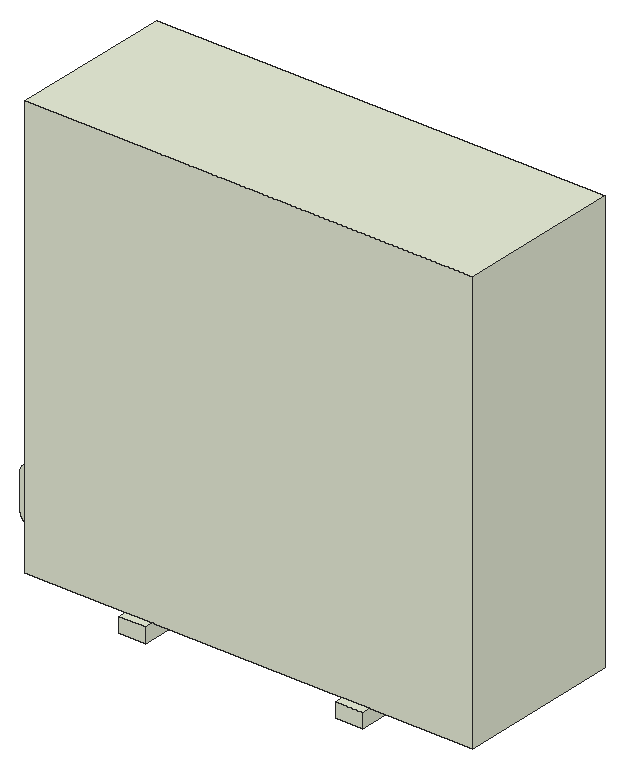
Revit family "MDCI-1 [8-10]", category HLS-Bauteile, Revit 2017
Family settings
  Bemaßung runder Anschluss = Durchmesser verwenden
  Teiletyp = Normal
  OmniClass-Nummer = 23.75.00.00
  OmniClass-Titel = Climate Control (HVAC)
  Arbeitsebenenbasiert = Nein
  Immer vertikal = Ja
  Beim Laden mit Abzugskörper schneiden = Nein
  Gemeinsam genutzt = Nein
  Raumberechnungspunkt = Nein
Parameters (values of type "MDCI8-1")
  clearance access right = 300.000 mm
  clearance access left = 600.000 mm
  clearance access front = 2000.000 mm
  clearance access behind = 300.000 mm
  clearance [instance] = no
  Width = 1075.000 mm
  URL = ""
  Series = "mini VRF"
  Power supply = "220-240 1N~50Hz"
  Net Weight = 75.50 kg
  Modell = "MDCI8-1"
  Minimum Circuit Amps = 26.25 A
  Min cable selection (power wiring) = "5*4mm2"
  Maximum Fuse Amps = 25 A
  Machine material = Galvanized Steel
  Liquid pipe = 9.520 mm
  Hersteller = "Bosch"
  Installation = "Outdoor installation"
  Height = 966.000 mm
  Heating Power Input = 1.79 kW
  Heating Capacity = 7.200 kW
  Gas pipe = 15.900 mm
  Gas = "R410A"
  Beschreibung = "High efficiency air cooled"
  Depth = 396.000 mm
  Cooling Power Input = 1.85 kW
  Cooling Capacity = 7.200 kW
  Condensation = "Air"
  Compressor = "1"
  Casing color = "SB2014"
  Air Flow max = 5500 m³/h
Types (2, lengths in mm): name | Modell | Minimum Circuit Amps | Maximum Fuse Amps | Heating Power Input | Heating Capacity | Cooling Power Input | Cooling Capacity
  MDCI8-1 | "MDCI8-1" | 26.25 A | 25 A | 1.79 kW | 7.200 kW | 1.85 kW | 7.200 kW
  MDCI10-1 | "MDCI10-1" | 27.5 A | 32 A | 2.27 kW | 9.000 kW | 2.3 kW | 9.000 kW
Reference planes
  plane 1: z = 0
  plane 2 "中心(左/右)": x = 0
  plane 3: z = 140
  plane 4: z = 498
  plane 5: z = 116
  plane 6: x = 497.6
Forms (mm)
  Extrusion 1, solid, material "Galvanized Steel" <- "Machine material", detail levels medium+fine
    sketch origin (2.54, 0, 0) x (1, 0, 0) y (0, 1, 0)
      loop
        line (-494.54, 0) -> (-494.54, -181.8) -> (495.06, -181.8) -> (495.06, 182) -> (-494.54, 182) -> (-494.54, 0)
    from 31.9 to 966
  Extrusion 2, solid, material "Galvanized Steel" <- "Machine material", detail levels medium+fine
    sketch origin (0, 0, 0) x (1, 0, 0) y (0, 1, 0)
      loop
        line (-270, 0) -> (-270, -201.8) -> (-210, -201.8) -> (-210, 197.3) -> (-270, 197.3) -> (-270, 0)
      loop
        line (210, 0) -> (210, -201.82) -> (270, -201.82) -> (270, 195.85) -> (210, 195.85) -> (210, 0)
    from 0 to 31.9
  Extrusion 3, solid, material "Galvanized Steel" <- "Machine material", detail levels fine
    sketch origin (0, 0, -20.5) x (1, 0, 0) y (0, 0, 1)
      loop
        line (-492.417, 208.4) -> (-547.4, 208.4)
        arc (-547.4, 208.4) -> (-568.613, 199.613) -> (-577.4, 178.4) r 30
        line (-577.4, 178.4) -> (-577.4, 110)
        arc (-577.4, 110) -> (-568.613, 88.787) -> (-547.4, 80) r 30
        line (-547.4, 80) -> (-492.417, 80) -> (-492.417, 208.4)
    from -30 to 90
  Extrusion 4, void
    sketch origin (0, 0, -20.5) x (1, 0, 0) y (0, 0, 1)
      loop
        line (-497.891, 217.263) -> (-545, 217.263)
        arc (-545, 217.263) -> (-559.142, 211.406) -> (-565, 197.263) r 20
        line (-565, 197.263) -> (-565, 110)
        arc (-565, 110) -> (-559.142, 95.858) -> (-545, 90) r 20
        line (-545, 90) -> (-497.891, 90) -> (-497.891, 217.263)
    from -20.224 to 90
  Extrusion 5, solid, material "Galvanized Steel" <- "Machine material", detail levels fine
    sketch origin (0, -45.795, 165.026) x (0, 0, 1) y (-1, 0, 0)
      loop
        line (621.408, 492) -> (533.406, 533.036) -> (533.406, 492) -> (621.408, 492)
    from -45.795 to -7.705
  Extrusion 6, solid, material "Galvanized Steel" <- "Machine material", detail levels medium+fine
    sketch origin (0, 0, 0) x (1, 0, 0) y (0, 0, 1)
      loop
        line (448.6, 818) -> (-151.4, 818) -> (-151.4, 178) -> (448.6, 178) -> (448.6, 818)
    from -214.2 to -182
  Extrusion 7, solid, material "Galvanized Steel" <- "Machine material", detail levels medium+fine
    sketch origin (0, 0, 0) x (0, 1, 0) y (0, 0, 1)
      loop
        circle (-70.795, 116) r 4.76
    from -548.554 to -490.017
  Extrusion 8, solid, material "Galvanized Steel" <- "Machine material", detail levels medium+fine
    sketch origin (0, 0, 0) x (0, 1, 0) y (0, 0, 1)
      loop
        circle (-17.3, 116) r 7.95
    from -548.554 to -490.017
Cuts and joins
  Extrusion 4 cuts Extrusion 3
Lines and regions (mm)
  model lines, detail levels fine
    curve 1: line (-182.46, 182, 959.7) -> (-182.46, 182, 31.9)
    curve 7: circle (148.6, 214.2, 498) r 280 normal (0, 1, 0)
    curve 8: circle (148.6, 214.2, 498) r 240 normal (0, 1, 0)
    curve 9: circle (148.6, 214.2, 498) r 200 normal (0, 1, 0)
    curve 10: circle (148.6, 214.2, 498) r 160 normal (0, 1, 0)
    curve 11: circle (148.6, 214.2, 498) r 120 normal (0, 1, 0)
    curve 12: circle (148.6, 214.2, 498) r 80 normal (0, 1, 0)
    curve 13: circle (148.6, 214.2, 498) r 40 normal (0, 1, 0)
    curve 14: arc (148.6, 214.2, 778) -> (244.748, 214.2, 638) -> (148.6, 214.2, 498) r 150
    curve 15: arc (148.6, 214.2, 498) -> (8.6, 214.2, 594.148) -> (-131.4, 214.2, 498) r 150
    curve 16: arc (148.6, 214.2, 498) -> (52.452, 214.2, 358) -> (148.6, 214.2, 218) r 150
    curve 17: arc (148.6, 214.2, 498) -> (288.6, 214.2, 401.852) -> (428.6, 214.2, 498) r 150
    curve 18: line (-327.463, 182, 542.426) -> (-398.173, 182, 613.137)
    curve 19: line (-341.605, 182, 528.284) -> (-412.315, 182, 598.995)
    curve 20: arc (-398.173, 182, 613.137) -> (-412.315, 182, 613.137) -> (-412.315, 182, 598.995) r 10
    curve 21: arc (-327.463, 182, 542.426) -> (-327.463, 182, 528.284) -> (-341.605, 182, 528.284) r 10
    curve 22: line (-327.463, 182, 602.426) -> (-398.173, 182, 673.137)
    curve 23: line (-341.605, 182, 588.284) -> (-412.315, 182, 658.995)
    curve 24: arc (-398.173, 182, 673.137) -> (-412.315, 182, 673.137) -> (-412.315, 182, 658.995) r 10
    curve 25: arc (-327.463, 182, 602.426) -> (-327.463, 182, 588.284) -> (-341.605, 182, 588.284) r 10
    curve 26: line (-327.463, 182, 662.426) -> (-398.173, 182, 733.137)
    curve 27: line (-341.605, 182, 648.284) -> (-412.315, 182, 718.995)
    curve 28: arc (-398.173, 182, 733.137) -> (-412.315, 182, 733.137) -> (-412.315, 182, 718.995) r 10
    curve 29: arc (-327.463, 182, 662.426) -> (-327.463, 182, 648.284) -> (-341.605, 182, 648.284) r 10
    curve 30: line (-412.315, 182, 733.137) -> (-468.884, 182, 789.706)
    curve 31: line (-468.884, 182, 789.706) -> (-468.884, 182, 964.3)
    curve 32: line (-327.463, 182, 528.284) -> (-302.714, 182, 503.536)
    curve 33: line (-302.714, 182, 503.536) -> (-302.714, 182, 31.9)
  reference lines
    curve 2: line (148.6, 0, 500) -> (148.6, 0, 420)
  model lines, detail levels medium+fine
    curve 3: line (-198.834, 214.2, 856.344) -> (-151.4, 214.2, 178)
    curve 4: line (448.6, 214.2, 818) -> (448.6, 214.2, 178)
    curve 5: line (448.6, 214.2, 818) -> (-151.4, 214.2, 818)
    curve 6: line (448.6, 214.2, 178) -> (-151.4, 214.2, 178)
  model lines
    curve 34: line (497.6, 182, 966) -> (497.6, -181.8, 966)
    curve 35: line (497.6, -181.8, 966) -> (-492, -181.8, 966)
    curve 36: line (-492, -181.8, 966) -> (-492, 182, 966)
    curve 37: line (-492, 182, 966) -> (497.6, 182, 966)
    curve 38: line (-492, 182, 31.9) -> (-492, -181.8, 31.9)
    curve 39: line (-492, -181.8, 31.9) -> (497.6, -181.8, 31.9)
    curve 40: line (497.6, -181.8, 31.9) -> (497.6, 182, 31.9)
    curve 41: line (497.6, 182, 31.9) -> (-492, 182, 31.9)
    curve 42: line (-492, 182, 966) -> (-492, 182, 31.9)
    curve 43: line (-492, -181.8, 966) -> (-492, -181.8, 31.9)
    curve 44: line (497.6, -181.8, 966) -> (497.6, -181.8, 31.9)
    curve 45: line (497.6, 182, 966) -> (497.6, 182, 31.9)
Dimensions and locks
  "Width": cut or joined group of Extrusion 3, Extrusion 4 to Extrusion 1
  Extrusion 2 to plane 5 = 116.000 mm
  "clearance access right": nested 4 to nested 4
  "clearance access left": nested 3 to nested 3
  "clearance access behind": nested 2 to Extrusion 1
  "clearance access front": nested 1 to Extrusion 1
  "Depth": Extrusion 1 to nested 1
  "Height": Extrusion 1 to level
  "Gas pipe": diameter of Extrusion 8
  "Liquid pipe": diameter of Extrusion 7
  aligned and locked: level to plane 1
Automatic sketch dimensions
  Extrusion 1 sketch curve to plane 2 "中心(左/右)" = 492.000 mm
  plane 2 "中心(左/右)" to Extrusion 1 sketch curve = 497.600 mm
  Extrusion 2 sketch curve to plane 2 "中心(左/右)" = 270.000 mm
  Extrusion 2 sketch curve to Extrusion 2 sketch curve = 60.000 mm  (x2)
  plane 2 "中心(左/右)" to Extrusion 2 sketch curve = 210.000 mm
  Extrusion 2 sketch curve to Extrusion 2 sketch curve = 195.850 mm
  Extrusion 2 sketch curve to Extrusion 2 sketch curve = 197.300 mm
  plane 3 to Extrusion 3 sketch curve = 17.900 mm
  Extrusion 3 sketch curve to plane 2 "中心(左/右)" = 577.400 mm
  plane 5 to Extrusion 3 sketch curve = 56.500 mm
  Extrusion 3 sketch curve to Extrusion 3 sketch curve = 30.000 mm  (x2)
  Extrusion 3 sketch curve to Extrusion 3 sketch curve = 54.983 mm
  plane 5 to Extrusion 4 sketch curve = 26.500 mm
  Extrusion 4 sketch curve to plane 2 "中心(左/右)" = 565.000 mm
  plane 5 to Extrusion 4 sketch curve = 46.500 mm
  Extrusion 4 sketch curve to Extrusion 4 sketch curve = 20.000 mm
  Extrusion 4 sketch curve to Extrusion 4 sketch curve = 47.109 mm
  plane 3 to Extrusion 4 sketch curve = 36.763 mm
  curve 1 to Extrusion 1 = 0.000 mm
  Extrusion 1 to curve 1 = 309.540 mm
  Extrusion 1 to curve 1 = 6.300 mm
  Extrusion 5 sketch curve to plane 4 = 200.432 mm
  Extrusion 5 sketch curve to plane 2 "中心(左/右)" = 492.000 mm
  Extrusion 5 sketch curve to Extrusion 5 sketch curve = 88.001 mm
  Extrusion 5 sketch curve to Extrusion 5 sketch curve = 41.036 mm
  plane 2 "中心(左/右)" to curve 2 = 148.600 mm
  plane 4 to curve 2 = 78.000 mm
  curve 2 to plane 4 = 2.000 mm
  Extrusion 6 sketch curve to plane 2 "中心(左/右)" = 151.400 mm
  plane 3 to Extrusion 6 sketch curve = 38.000 mm
  plane 2 "中心(左/右)" to Extrusion 6 sketch curve = 448.600 mm
  Extrusion 6 sketch curve to plane 4 = 320.000 mm
  Extrusion 7 sketch curve to plane 5 = 0.000 mm
  Extrusion 8 sketch curve to plane 5 = 0.000 mm
  Extrusion 1 sketch curve to Extrusion 1 sketch curve = 182.000 mm
  Extrusion 1 sketch curve to Extrusion 1 sketch curve = 181.800 mm
  Extrusion 2 sketch curve to Extrusion 2 sketch curve = 0.020 mm
  Extrusion 2 sketch curve to Extrusion 2 sketch curve = 201.800 mm
  Extrusion 2 sketch curve to Extrusion 2 sketch curve = 201.820 mm
  curve 24 to plane 2 "中心(左/右)" = 412.315 mm
  curve 20 to curve 24 = 0.000 mm
  curve 24 to curve 28 = 0.000 mm
  curve 20 to curve 20 = 7.071 mm  (x3)
  curve 24 to curve 24 = 7.071 mm  (x3)
  curve 28 to curve 28 = 7.071 mm  (x2)
  curve 28 to curve 24 = 45.858 mm
  curve 24 to curve 20 = 45.858 mm
  curve 30 to curve 28 = 63.640 mm  (x2)
  curve 30 to curve 28 = 7.071 mm  (x2)
  curve 19 to plane 4 = 100.995 mm
  curve 18 to curve 25 = 56.569 mm
  curve 21 to curve 25 = 0.000 mm
  curve 27 to plane 4 = 150.284 mm
  curve 25 to curve 27 = 0.000 mm
  curve 23 to plane 4 = 90.284 mm
  curve 21 to curve 21 = 7.071 mm  (x2)
  curve 29 to curve 29 = 7.071 mm  (x2)
  curve 25 to curve 25 = 7.071 mm  (x2)
  curve 32 to plane 4 = 30.284 mm
  curve 21 to curve 32 = 7.071 mm
  curve 33 to plane 4 = 5.536 mm
  curve 32 to curve 33 = 24.749 mm
  curve 31 to curve 30 = 174.594 mm
  curve 26 to curve 29 = 7.071 mm
  curve 22 to curve 25 = 7.071 mm
  curve 18 to curve 21 = 7.071 mm
  level to curve 33 = 31.900 mm
  curve 35 to Extrusion 1 = 0.000 mm
  Extrusion 1 to curve 35 = 0.000 mm
  curve 37 to Extrusion 1 = 0.000 mm
  curve 34 to Extrusion 1 = 0.000 mm
  curve 38 to Extrusion 1 = 0.000 mm  (x3)
  curve 41 to Extrusion 1 = 0.000 mm
  Extrusion 1 to curve 43 = 0.000 mm
  curve 43 to Extrusion 1 = 0.000 mm  (x2)
  curve 42 to Extrusion 1 = 0.000 mm  (x2)
  curve 42 to Extrusion 1 = 182.000 mm
  Extrusion 1 to curve 45 = 0.000 mm
  curve 45 to Extrusion 1 = 0.000 mm  (x2)
  curve 44 to Extrusion 1 = 0.000 mm  (x3)
  curve 7 to curve 8 = 0.000 mm  (x2)
  curve 7 to curve 9 = 0.000 mm  (x2)
  curve 7 to curve 10 = 0.000 mm  (x2)
  curve 7 to curve 11 = 0.000 mm  (x2)
  curve 7 to curve 12 = 0.000 mm  (x2)
  curve 7 to curve 13 = 0.000 mm  (x2)
  curve 8 to curve 9 = 0.000 mm  (x2)
  curve 8 to curve 10 = 0.000 mm  (x2)
  curve 8 to curve 11 = 0.000 mm  (x2)
  curve 8 to curve 12 = 0.000 mm  (x2)
  curve 8 to curve 13 = 0.000 mm  (x2)
  curve 9 to curve 10 = 0.000 mm  (x2)
  curve 9 to curve 11 = 0.000 mm  (x2)
  curve 9 to curve 12 = 0.000 mm  (x2)
  curve 9 to curve 13 = 0.000 mm  (x2)
  curve 10 to curve 11 = 0.000 mm  (x2)
  curve 10 to curve 12 = 0.000 mm  (x2)
  curve 10 to curve 13 = 0.000 mm  (x2)
  curve 11 to curve 12 = 0.000 mm  (x2)
  curve 11 to curve 13 = 0.000 mm  (x2)
  curve 12 to curve 13 = 0.000 mm  (x2)
  plane 3 to curve 3 = 38.000 mm
  curve 3 to plane 2 "中心(左/右)" = 151.400 mm
  plane 6 to curve 5 = 49.000 mm
  curve 5 to plane 4 = 320.000 mm
  curve 15 to plane 4 = 0.000 mm
  curve 11 to plane 4 = 0.000 mm
  curve 14 to plane 4 = 0.000 mm
  curve 17 to plane 4 = 0.000 mm
  curve 3 to plane 2 "中心(左/右)" = 198.834 mm
  curve 3 to curve 5 = 47.434 mm
  curve 15 to plane 2 "中心(左/右)" = 131.400 mm
  plane 2 "中心(左/右)" to curve 15 = 8.600 mm
  plane 2 "中心(左/右)" to curve 14 = 94.748 mm
  curve 11 to curve 14 = 0.000 mm
  plane 2 "中心(左/右)" to curve 14 = 148.600 mm
  plane 2 "中心(左/右)" to curve 16 = 148.600 mm
  curve 7 to curve 16 = 53.852 mm
  plane 4 to curve 15 = 53.852 mm
  curve 17 to plane 4 = 53.852 mm
  curve 5 to curve 3 = 38.344 mm
  radius of Extrusion 7 sketch curve = 4.760 mm
  radius of Extrusion 8 sketch curve = 7.950 mm
  radius of curve 8 = 240.000 mm
  radius of curve 9 = 200.000 mm
  radius of curve 10 = 160.000 mm
  radius of curve 11 = 120.000 mm
  radius of curve 12 = 80.000 mm
  radius of curve 13 = 40.000 mm
Nested families
  nested 1: "Service Space" at (-492, 214.2, 0), visible <- "clearance", type "Service  Space"
    with Width 989.600 mm, Height 966.000 mm, Depth 1967.800 mm
  nested 2: "Service Space" at (-492, -481.8, 0), visible <- "clearance", type "Service  Space"
    with Width 989.600 mm, Height 966.000 mm, Depth 300.000 mm
  nested 3: "Service Space" at (-1092, -181.8, 0), visible <- "clearance", type "Service  Space"
    with Width 600.000 mm, Height 966.000 mm, Depth 396.000 mm
  nested 4: "Service Space" at (497.6, -181.8, 0), visible <- "clearance", type "Service  Space"
    with Width 300.000 mm, Height 966.000 mm, Depth 396.000 mm
Connectors
  piping at (-548.554, -70.795, 116), diameter 9.52, driven by "Liquid pipe"
    settings: on Extrusion 7, index 2, connector inside diameter 9.52 mm, connector length 0.000 mm, flow factor 0, pipe flow 0.0 L/s, pressure drop 0.0 Pa, fitting loss kfactor 0, connector angle 0.00°, fixture units 0, engagement length 0.000 mm, angle of deflection 0.00°, flow configuration 1, flow direction 0, fitting loss method 4, system type 22, joint type 0, gender type 0, connector reference index -1, connector utility 0, adjustable connector no, is connector primary yes, connector description "Liquid pipe"
  piping at (-548.554, -17.3, 116), diameter 15.9, driven by "Gas pipe"
    settings: on Extrusion 8, index 4, connector inside diameter 15.9 mm, connector length 0.000 mm, flow factor 0, pipe flow 0.0 L/s, pressure drop 0.0 Pa, fitting loss kfactor 0, connector angle 0.00°, fixture units 0, engagement length 0.000 mm, angle of deflection 0.00°, flow configuration 1, flow direction 0, fitting loss method 4, system type 22, joint type 0, gender type 0, connector reference index -1, connector utility 0, adjustable connector no, is connector primary no, connector description "Gas pipe"
  electrical at (-492.417, -30, 123.7)
    settings: on cut or joined group of Extrusion 3, Extrusion 4, index 5, voltage 220 V, apparent load 0 VA, apparent load phase1 0 VA, apparent load phase2 0 VA, apparent load phase3 0 VA, power factor 1, load classification "Power", number of poles 3, system type 30, power factor state 1, is connector primary yes, connector utility no, sub classification motor no, connector description "The location of  electrical connectors is not the same as the actual location because the wiring terminal is inside the unit."
Definition of nested family "Service Space"
  Parameters
    Width [instance] = 500.000 mm
    Height [instance] = 500.000 mm
    Depth [instance] = 500.000 mm
  Reference planes
    plane 1 "Center (Front/Back)": y = 0
    plane 2: z = 0
    plane 3 "Center (Left/Right)": x = 0
    plane 4: z = 500
    plane 5: y = 500
    plane 6: x = 500
  Forms (mm)
    Extrusion 1, solid
      sketch origin (0, 0, 0) x (1, 0, 0) y (0, 1, 0)
        loop
          line (0, 500) -> (0, 0) -> (500, 0) -> (500, 500) -> (0, 500)
      from 0 to 500
  Dimensions and locks
    "Width": plane 3 "Center (Left/Right)" to plane 6
    "Depth": plane 5 to plane 1 "Center (Front/Back)"
    "Height": level to plane 4
    aligned and locked: level to plane 2
    aligned and locked: plane 5 to Extrusion 1
    aligned and locked: Extrusion 1 to plane 6
    aligned and locked: Extrusion 1 to plane 3 "Center (Left/Right)"
    aligned and locked: plane 1 "Center (Front/Back)" to Extrusion 1
    aligned and locked: Extrusion 1 to plane 4
  Automatic sketch dimensions
    Extrusion 1 sketch curve to plane 3 "Center (Left/Right)" = 0.000 mm
    plane 1 "Center (Front/Back)" to Extrusion 1 sketch curve = 0.000 mm
    Extrusion 1 sketch curve to plane 6 = 0.000 mm
    Extrusion 1 sketch curve to plane 5 = 0.000 mm
